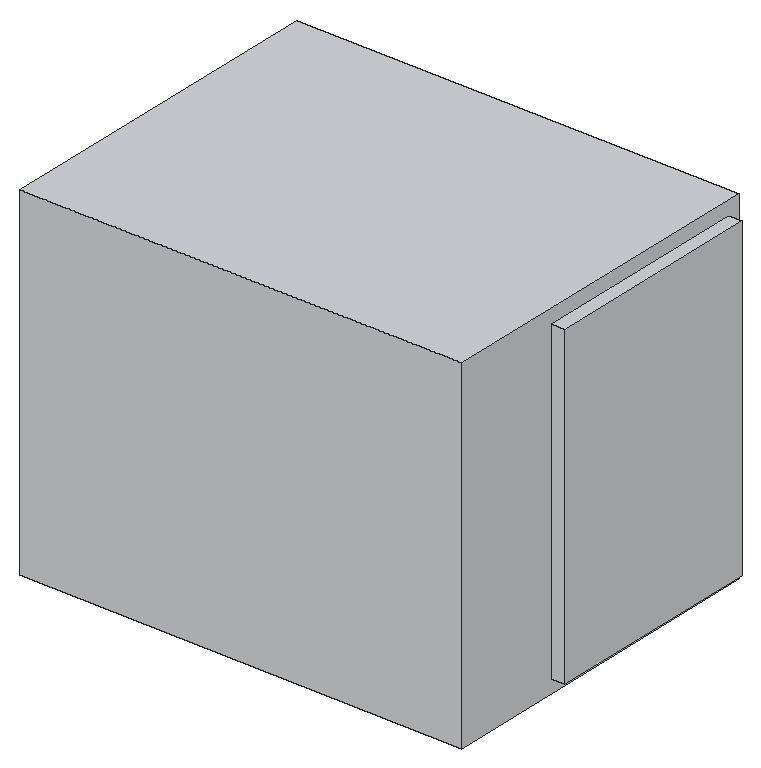
Revit family "108b1a71b84e47d88a5f4d684613cdf1", category Mechanical Equipment, Revit 2021
Family settings
  Round Connector Dimension = Use Diameter
  Part Type = Normal
  OmniClass Number = 23.75.35.14
  OmniClass Title = Air Handling Units
  Seek Item ID = AHU Filter - Cartridge-0000-USA-ENU
  Work Plane-Based = No
  Always vertical = Yes
  Cut with Voids When Loaded = No
  Shared = No
  Room Calculation Point = No
Parameters (values of type "For 3 Square Feet of Coil")
  Pressure Drop [instance] = 0.50 in-wg
  Length 2 = Duct Height / 2  # 12 1/2"
  Length 1 = Filter Length / 2  # 1' - 4"
  Filter Width = 2' - 1"
  Filter Material = none
  Filter Length = 2' - 8"
  Filter Height = 2' - 1"
  Duct Width = 32"
  Duct Height = 25"
  Default Elevation = 0' - 0"
  Air Velocity [instance] = 500 FPM
  Air Flow [instance] = Air Velocity * Duct Height * Duct Width  # 2777.78 CFM
Types (17): name | Length 2 | Length 1 | Filter Width | Filter Length | Filter Height | Duct Width | Duct Height | Air Flow
  (no name) | 12 1/2" | 1' - 4" | 2' - 1" | 2' - 8" | 2' - 1" | 32" | 25" | 2777.78 CFM
  For 3 Square Feet of Coil | 12 1/2" | 1' - 4" | 2' - 1" | 2' - 8" | 2' - 1" | 32" | 25" | 2777.78 CFM
  For 6 Square Feet of Coil | 14" | 1' - 10" | 2' - 4" | 3' - 8" | 2' - 4" | 44" | 28" | 4277.78 CFM
  For 8 Square Feet of Coil | 16" | 2' - 0" | 2' - 8" | 4' - 0" | 2' - 8" | 48" | 32" | 5333.33 CFM
  For 10 Square Feet of Coil | 17" | 2' - 6" | 2' - 10" | 5' - 0" | 2' - 10" | 60" | 34" | 7083.33 CFM
  For 12 Square Feet of Coil | 19" | 2' - 8" | 2' - 10" | 5' - 4" | 3' - 2" | 64" | 38" | 8444.44 CFM
  For 15 Square Feet of Coil | 20" | 2' - 10" | 2' - 10" | 5' - 8" | 3' - 4" | 68" | 40" | 9444.44 CFM
  For 17 Square Feet of Coil | 22" | 3' - 1" | 2' - 10" | 6' - 2" | 3' - 8" | 74" | 44" | 11305.6 CFM
  For 21 Square Feet of Coil | 25" | 3' - 2" | 2' - 10" | 6' - 4" | 4' - 2" | 76" | 50" | 13194.4 CFM
  For 25 Square Feet of Coil | 28" | 3' - 3" | 3' - 4" | 6' - 6" | 4' - 8" | 78" | 56" | 15166.7 CFM
  For 30 Square Feet of Coil | 28" | 3' - 10" | 3' - 4" | 7' - 8" | 4' - 8" | 92" | 56" | 17888.9 CFM
  For 35 Square Feet of Coil | 31" | 4' - 0" | 4' - 0" | 8' - 0" | 5' - 2" | 96" | 62" | 20666.7 CFM
  For 40 Square Feet of Coil | 31" | 4' - 7" | 4' - 0" | 9' - 2" | 5' - 2" | 110" | 62" | 23680.6 CFM
  For 50 Square Feet of Coil | 37" | 5' - 0" | 4' - 0" | 10' - 0" | 6' - 2" | 120" | 74" | 30833.3 CFM
  For 66 Square Feet of Coil | 46" | 5' - 9" | 2' - 6" | 11' - 6" | 7' - 8" | 138" | 92" | 44083.3 CFM
  For 80 Square Feet of Coil | 55" | 5' - 9" | 4' - 6" | 11' - 6" | 9' - 2" | 138" | 110" | 52708.3 CFM
  For 100 Square Feet of Coil | 60" | 6' - 4" | 2' - 6" | 12' - 8" | 10' - 0" | 152" | 120" | 63333.3 CFM
Reference planes (in)
  plane 1 "Center (Front/Back)": y = 0
  plane 2: z = 0
  plane 3 "Center (Left/Right)": x = 0
  plane 4: x = -16
  plane 5: x = 16
  plane 6: y = 25
  plane 7: z = 25
  plane 8: y = 24
  plane 9: z = 24
  plane 10: z = 1
  plane 11: y = 8
  plane 12: x = 17
  plane 13: x = -17
  plane 14: x = -16
  plane 15: x = 16
  plane 16: z = 25
  plane 17: z = 0
  plane 18: z = 12.5
Forms (in)
  Extrusion 1, solid, material <- "Filter Material", detail levels medium+fine
    sketch origin (0, 0, 0) x (1, 0, 0) y (0, 1, 0)
      loop
        line (-16, 25) -> (-16, 0) -> (16, 0) -> (16, 25) -> (-16, 25)
    from 0 to 25
  Extrusion 2, solid, material <- "Filter Material", detail levels medium+fine
    sketch origin (0, 0, 0) x (0, 1, 0) y (0, 0, 1)
      loop
        line (8, 24) -> (8, 1) -> (24, 1) -> (24, 24) -> (8, 24)
    from 16 to 17
  Extrusion 3, solid, material <- "Filter Material", detail levels medium+fine
    sketch origin (0, 0, 0) x (0, 1, 0) y (0, 0, 1)
      loop
        line (24, 24) -> (8, 24) -> (8, 1) -> (24, 1) -> (24, 24)
    from -17 to -16
  Extrusion 4, solid, material <- "Filter Material", detail levels coarse
    sketch origin (0, 0, 0) x (1, 0, 0) y (0, 1, 0)
      loop
        line (-17, 25) -> (-17, 0) -> (17, 0) -> (17, 25) -> (-17, 25)
    from 0 to 25
Cuts and joins
  joined: Extrusion 1, Extrusion 2, Extrusion 3
Dimensions and locks (in)
  equal spacing: plane 4, plane 3 "Center (Left/Right)", plane 5
  "Filter Width": plane 6 to plane 1 "Center (Front/Back)"
  "Length 1": plane 3 "Center (Left/Right)" to plane 5
  "Filter Height": plane 7 to plane 2
  locked: plane 8 to plane 6 at 1
  locked: plane 7 to plane 9 at 1
  locked: plane 10 to plane 2 at 1
  locked: plane 11 to plane 8 at 16
  locked: plane 5 to plane 12 at 1
  locked: plane 13 to plane 4 at 1
  equal spacing: plane 15, plane 3 "Center (Left/Right)", plane 14
  "Duct Width": plane 15 to plane 14
  equal spacing: plane 7, plane 18, plane 2
  "Length 2": plane 16 to plane 18
  aligned and locked: plane 7 to Extrusion 1
  aligned and locked: plane 1 "Center (Front/Back)" to Extrusion 1
  aligned and locked: Extrusion 1 to plane 2
  aligned and locked: plane 6 to Extrusion 1
  aligned and locked: plane 12 to Extrusion 2
  aligned and locked: plane 8 to Extrusion 2
  aligned and locked: Extrusion 2 to plane 5
  aligned and locked: Extrusion 2 to plane 11
  aligned and locked: Extrusion 3 to plane 13
  aligned and locked: plane 8 to Extrusion 3
  aligned and locked: plane 4 to Extrusion 3
  aligned and locked: Extrusion 3 to plane 11
  aligned and locked: Extrusion 4 to plane 13  (x2)
  aligned and locked: plane 6 to Extrusion 4  (x2)
  aligned and locked: plane 12 to Extrusion 4
  aligned and locked: plane 1 "Center (Front/Back)" to Extrusion 4
  aligned and locked: plane 6 to cut or joined group of Extrusion 1, Extrusion 2, Extrusion 3
  aligned and locked: Extrusion 4 to plane 17
  aligned and locked: plane 1 "Center (Front/Back)" to cut or joined group of Extrusion 1, Extrusion 2, Extrusion 3
  aligned and locked: plane 7 to Extrusion 4
Automatic sketch dimensions
  Extrusion 1 sketch curve to plane 1 "Center (Front/Back)" = 0' - 0"
  Extrusion 1 sketch curve to plane 4 = 0' - 0"
  Extrusion 1 sketch curve to plane 5 = 0' - 0"
  Extrusion 1 sketch curve to plane 6 = 0' - 0"
  Extrusion 2 sketch curve to plane 10 = 0' - 0"
  Extrusion 2 sketch curve to plane 9 = 0' - 0"
  Extrusion 2 sketch curve to plane 11 = 0' - 0"
  Extrusion 2 sketch curve to plane 8 = 0' - 0"
  Extrusion 3 sketch curve to plane 11 = 0' - 0"
  Extrusion 3 sketch curve to plane 8 = 0' - 0"
  Extrusion 3 sketch curve to plane 10 = 0' - 0"
  Extrusion 3 sketch curve to plane 9 = 0' - 0"
  Extrusion 4 sketch curve to plane 13 = 0' - 0"
  plane 6 to Extrusion 4 sketch curve = 0' - 0"
  Extrusion 4 sketch curve to plane 12 = 0' - 0"
  Extrusion 4 sketch curve to plane 1 "Center (Front/Back)" = 0' - 0"
Connectors (in)
  hvac at (0, 0, 12.5), driven by "Duct Height", driven by "Duct Width", driven by "Air Flow"
    settings: on Extrusion 1, index 1, duct flow 2777.78 CFM, flow factor 0, pres drop 0.00 in-wg, loss coef 0, conn angle 0.00°, conn width 32", conn height 25", conn diameter 24", duct sys type 1, conn prof type 1, flow config 0, flow direction 0, loss method 0, conn ref index 2, conn util no, is conn primary yes, conn desc ""
  hvac at (0, 25, 12.5), driven by "Duct Height", driven by "Duct Width", driven by "Pressure Drop", driven by "Air Flow"
    settings: on Extrusion 1, index 2, duct flow 2777.78 CFM, flow factor 0, pres drop 0.50 in-wg, loss coef 0, conn angle 0.00°, conn width 32", conn height 25", conn diameter 24", duct sys type 1, conn prof type 1, flow config 0, flow direction 0, loss method 4, conn ref index 1, conn util no, is conn primary no, conn desc ""
